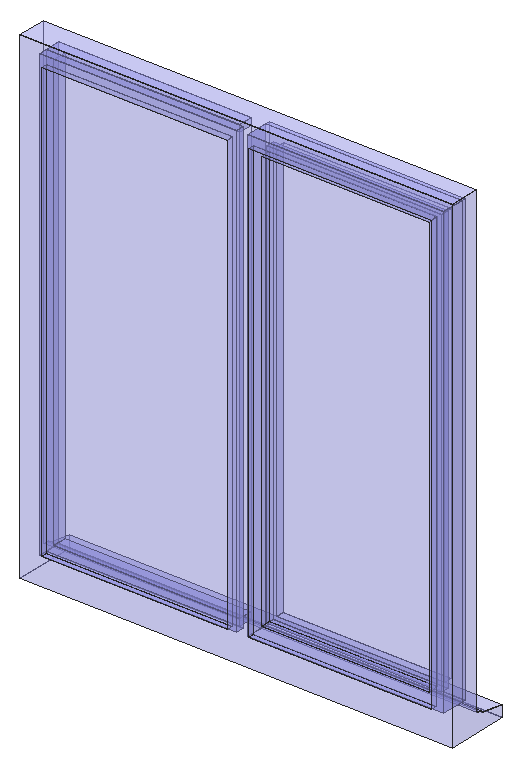
Revit family
Parameters
  Vis - Cavity Closers = yes
  Rough Width = Width  # 1200.0 mm
  Rough Height = Height  # 1350.0 mm
  Operation = "DoublePanelVertical"
  Material Trim = Concept
  Material Glass = Concept
  Material Frame = Concept
  Manufacturer = "Revit"
  Keynote = "L10"
  Height = 1350.0 mm
  Wall Closure = (empty or 0)
  Width = 1200.0 mm
  FrameOffset - External = 50.0 mm
  Default Head Height = 2110.0 mm
Reference planes
  plane 1: y = 0
  plane 2 "Center (Left/Right)": x = -285
  plane 3 "Left": x = -885
  plane 4 "Right": x = 315
  plane 5 "Cill": z = 760
  plane 6 "Head": z = 2110
  plane 7 "Exterior": y = 158.457
  plane 8 "Interior": y = -141.543
  plane 9 "Back of Window": y = 43.457
  plane 10 "Front Cill": y = 195.957
  plane 11 "Face Window": y = 108.457
  plane 12: x = -285
Forms (mm)
  Extrusion 1, solid, material "Concept" <- "Material Frame"
    sketch origin (-285, 0, 0) x (0, 1, 0) y (0, 0, 1)
      loop
        line (25.457, 760) -> (195.957, 760) -> (195.957, 793.809) -> (123.457, 804.745) -> (123.457, 809.688) -> (108.457, 811) -> (108.457, 823) -> (43.457, 823) -> (43.457, 835) -> (25.457, 835) -> (25.457, 760)
    from 600 to -600
  Sweep 2, solid, material "Concept" <- "Material Frame"
    path origin (0, 43.457, 0) x (1, 0, 0) y (0, 0, 1)
      loop
        line (-885, 823) -> (-885, 2110) -> (315, 2110) -> (315, 823)
    profile origin (0, 0, 1466.5) x (-1, 0, 0) y (0, -1, 0)
      loop
        line (885, -25.457) -> (825, -25.457) -> (825, -43.457) -> (845, -43.457) -> (845, -108.457) -> (885, -108.457) -> (885, -25.457)
  Sweep 3, solid, material "Concept" <- "Material Frame"
    path origin (0, 108.457, 0) x (1, 0, 0) y (0, 0, 1)
      loop
        line (275, 2070) -> (-270, 2070) -> (-270, 823) -> (275, 823) -> (275, 2070)
    profile origin (0, 0, 1446.5) x (0, -1, 0) y (1, 0, 0)
      loop
        line (-120.004, -270) -> (-43.457, -270) -> (-43.457, -230) -> (-72.457, -230) -> (-72.457, -240) -> (-96.457, -240) -> (-96.457, -230) -> (-120.004, -230) -> (-120.004, -270)
  Extrusion 4, solid, material "Concept" <- "Material Frame"
    sketch origin (0, 0, 760) x (0, -1, 0) y (-1, 0, 0)
      loop
        line (-25.457, 310) -> (-43.457, 310) -> (-43.457, 300) -> (-67.457, 300) -> (-67.457, 310) -> (-108.457, 310) -> (-108.457, 270) -> (-43.457, 270) -> (-43.457, 252) -> (-25.457, 252) -> (-25.457, 310)
    from -63 to -1310
  Sweep 5, solid, material "Concept" <- "Material Frame"
    path origin (-300, 67.457, 823) x (0, 0, 1) y (-1, 0, 0)
      loop
        line (1247, 10) -> (1247, 545) -> (0, 545) -> (0, 10)
    profile origin (0, 0, 1446.5) x (0, -1, 0) y (1, 0, 0)
      loop
        line (-67.457, -845) -> (-67.457, -825) -> (-108.457, -825) -> (-108.457, -845) -> (-67.457, -845)
  Extrusion 6, solid, material "Concept" <- "Material Glass"
    sketch origin (-845, 43.457, 823) x (0, 0, 1) y (1, 0, 0)
      loop
        line (1247, 0) -> (1247, 545) -> (0, 545) -> (0, 0) -> (1247, 0)
    from 0 to 24
  Extrusion 7, solid, material "Concept" <- "Material Glass"
    sketch origin (245, 96.457, 2040) x (-1, 0, 0) y (0, 0, -1)
      loop
        line (0, 0) -> (485, 0) -> (485, 1187) -> (0, 1187) -> (0, 0)
    from 0 to 24
Cuts and joins
  joined: Extrusion 1, Sweep 2, Extrusion 4
Lines and regions (mm)
  Opening 1
    outline origin (-5000, -141.543, 0) x (1, 0, 0) y (0, 0, 1)
      loop
        line (5315, 2110) -> (4115, 2110) -> (4115, 760) -> (5315, 760) -> (5315, 2110)
  Masking region 1
    outline origin (0, 0, 760) x (0, -1, 0) y (1, 0, 0)
      loop
        line (-25.457, -885) -> (-25.457, 315) -> (-195.957, 315) -> (-195.957, -885) -> (-25.457, -885)
  symbolic lines, style "Windows"
    curve 1: line (-885, 25.457, 0) -> (315, 25.457, 0)
    curve 2: line (-885, 108.457, 0) -> (-885, 25.457, 0)
    curve 3: line (315, 108.457, 0) -> (-885, 108.457, 0)
    curve 4: line (315, 25.457, 0) -> (315, 108.457, 0)
    curve 5: line (-825, 25.457, 0) -> (-825, 108.457, 0)
    curve 6: line (255, 25.457, 0) -> (255, 108.457, 0)
    curve 7: line (-825, 66.957, 0) -> (-310, 66.957, 0)
    curve 10: line (-260, 66.957, 0) -> (255, 66.957, 0)
    curve 11: line (-260, 25.457, 0) -> (-260, 108.457, 0)
    curve 12: line (-310, 25.457, 0) -> (-310, 108.457, 0)
  symbolic lines, style "Elevation Swing"
    curve 8: line (-230, 0, 2030) -> (235, 0, 1446.5)
    curve 9: line (-230, 0, 863) -> (235, 0, 1446.5)
  symbolic lines, style "WindowsSillHeadProjection"
    curve 13: line (315, 195.957, 0) -> (-885, 195.957, 0)
    curve 14: line (-885, 195.957, 0) -> (-885, 159.707, 0)
    curve 15: line (315, 159.707, 0) -> (315, 195.957, 0)
Text (mm)
  text "EXTERIOR" at (-1415.209, 454.062, 0), in view "Ref. Level"
  text "INTERIOR" at (-1415.209, -367.981, 0), in view "Ref. Level"
  text "Exterior" at (0, 923.751, 2943.296), in view "Right"
  text "Exterior" at (0, 1040.484, 2685.409), in view "Left"
Dimensions and locks
  equal spacing: plane 3 "Left", plane 2 "Center (Left/Right)", plane 4 "Right"
  "Width": plane 3 "Left" to plane 4 "Right"
  "Height": plane 5 "Cill" to plane 6 "Head"
  "Default Head Height": plane 6 "Head" to level
  locked: plane 7 "Exterior" to host wall at 0
  locked: plane 8 "Interior" to host wall
  locked: plane 9 "Back of Window" to plane 11 "Face Window" at 65
  "FrameOffset - External": plane 11 "Face Window" to plane 7 "Exterior"
  locked: Extrusion 1 sketch curve to Extrusion 1 sketch curve at 18
  Extrusion 1 sketch curve to Extrusion 1 sketch curve = 12.0 mm
  plane 11 "Face Window" to Extrusion 1 sketch curve = 15.0 mm
  Sweep 3 sketch curve to Sweep 3 sketch curve = 10.0 mm
  locked: Sweep 3 sketch curve to Sweep 3 sketch curve at 24
  equal spacing: curve 3, curve 7, curve 1
  equal spacing: Extrusion 4 sketch curve, plane 12, Extrusion 4 sketch curve
  Extrusion 4 sketch curve to Extrusion 4 sketch curve = 10.0 mm
  Extrusion 4 sketch curve to Extrusion 4 sketch curve = 18.0 mm  (x2)
  locked: Extrusion 4 sketch curve to Extrusion 4 sketch curve at 24
  equal spacing: Sweep 3, curve 9, Sweep 3
  locked: plane 3 "Left" to Sweep 2 sketch curve at 40
  locked: Sweep 2 sketch curve to Sweep 2 sketch curve at 20
  aligned and locked: plane 9 "Back of Window" to Extrusion 1 sketch curve
  aligned and locked: plane 11 "Face Window" to Extrusion 1 sketch curve
  aligned and locked: plane 10 "Front Cill" to Extrusion 1 sketch curve
  aligned and locked: Extrusion 1 sketch curve to plane 5 "Cill"
  aligned and locked: plane 3 "Left" to Extrusion 1
  aligned and locked: Extrusion 1 to plane 4 "Right"
  aligned and locked: plane 11 "Face Window" to Sweep 2 sketch curve
  aligned and locked: Sweep 3 sketch curve to Sweep 3 sketch curve
  aligned and locked: Sweep 3 sketch curve to plane 9 "Back of Window"
  aligned and locked: Sweep 2 to curve 5
  aligned and locked: curve 6 to Sweep 2
  aligned and locked: Extrusion 4 sketch curve to Extrusion 4 sketch curve  (x2)
  aligned and locked: Extrusion 4 sketch curve to plane 11 "Face Window"
  aligned and locked: plane 9 "Back of Window" to Extrusion 4 sketch curve
  aligned and locked: Extrusion 4 to Sweep 2
  aligned and locked: Extrusion 4 to Extrusion 1
  aligned and locked: plane 12 to plane 2 "Center (Left/Right)"
  aligned and locked: Sweep 3 sketch curve to Extrusion 4
  aligned and locked: Sweep 2 to Sweep 5 sketch curve
  aligned and locked: Extrusion 1 to Sweep 5 sketch curve
  aligned and locked: curve 1 to Extrusion 1
  aligned and locked: curve 3 to Sweep 2
  aligned and locked: curve 7 to curve 10
  aligned and locked: curve 13 to cut or joined group of Extrusion 1, Sweep 2, Extrusion 4
  aligned and locked: curve 14 to cut or joined group of Extrusion 1, Sweep 2, Extrusion 4
  aligned and locked: cut or joined group of Extrusion 1, Sweep 2, Extrusion 4 to curve 15
  aligned and locked: plane 3 "Left" to Masking region 1 sketch curve
  aligned and locked: plane 4 "Right" to Masking region 1 sketch curve
  aligned and locked: Masking region 1 sketch curve to cut or joined group of Extrusion 1, Sweep 2, Extrusion 4  (x2)
Automatic sketch dimensions
  Extrusion 1 sketch curve to Extrusion 1 sketch curve = 33.809 mm
  Extrusion 1 sketch curve to Extrusion 1 sketch curve = 15.879 mm
  Extrusion 1 sketch curve to Extrusion 1 sketch curve = 4.943 mm
  Extrusion 1 sketch curve to plane 5 "Cill" = 63.0 mm
  Extrusion 1 sketch curve to Extrusion 1 sketch curve = 12.0 mm
  Sweep 2 sketch curve to plane 3 "Left" = 0.0 mm
  Sweep 2 sketch curve to plane 4 "Right" = 0.0 mm
  Sweep 2 sketch curve to plane 6 "Head" = 0.0 mm
  Sweep 2 sketch curve to plane 5 "Cill" = 63.0 mm  (x2)
  Sweep 2 sketch curve to profile plane = 0.0 mm
  plane 9 "Back of Window" to Sweep 2 sketch curve = 18.0 mm
  Sweep 2 sketch curve to plane 9 "Back of Window" = 0.0 mm
  Sweep 3 sketch curve to profile plane = 0.0 mm
  Extrusion 4 sketch curve to plane 2 "Center (Left/Right)" = 25.0 mm
  plane 6 "Head" to Sweep 3 sketch curve = 40.0 mm
  plane 4 "Right" to Sweep 3 sketch curve = 40.0 mm
  Sweep 3 sketch curve to plane 5 "Cill" = 63.0 mm
  Sweep 5 sketch curve to plane 5 "Cill" = 63.0 mm
  plane 6 "Head" to Sweep 5 sketch curve = 40.0 mm
  Sweep 5 sketch curve to plane 2 "Center (Left/Right)" = 25.0 mm  (x2)
  Sweep 5 sketch curve to plane 3 "Left" = 40.0 mm
  Sweep 5 sketch curve to profile plane = 0.0 mm  (x2)
  curve 3 to plane 3 "Left" = 0.0 mm
  curve 3 to plane 4 "Right" = 0.0 mm
  curve 12 to plane 2 "Center (Left/Right)" = 25.0 mm
  plane 2 "Center (Left/Right)" to curve 11 = 25.0 mm
  host wall to curve 14 = 1.25 mm
  host wall to curve 15 = 1.25 mm
  Extrusion 6 sketch curve to plane 5 "Cill" = 63.0 mm
  plane 6 "Head" to Extrusion 6 sketch curve = 40.0 mm
  Extrusion 6 sketch curve to plane 3 "Left" = 40.0 mm
  Extrusion 6 sketch curve to plane 2 "Center (Left/Right)" = 15.0 mm
  plane 4 "Right" to Extrusion 7 sketch curve = 70.0 mm
  plane 2 "Center (Left/Right)" to Extrusion 7 sketch curve = 45.0 mm
  plane 6 "Head" to Extrusion 7 sketch curve = 70.0 mm
  Extrusion 7 sketch curve to plane 5 "Cill" = 93.0 mm
  Opening 1 sketch curve to plane 3 "Left" = 0.0 mm
  Opening 1 sketch curve to plane 4 "Right" = 0.0 mm
  Opening 1 sketch curve to plane 5 "Cill" = 0.0 mm
  Opening 1 sketch curve to plane 6 "Head" = 0.0 mm
  Sweep 3 sketch curve to plane 11 "Face Window" = 11.547 mm
  plane 11 "Face Window" to Sweep 3 sketch curve = 12.0 mm
  Sweep 3 sketch curve to Sweep 3 sketch curve = 40.0 mm
  plane 6 "Head" to curve 8 = 80.0 mm
  curve 9 to plane 5 "Cill" = 103.0 mm
  plane 2 "Center (Left/Right)" to curve 9 = 55.0 mm
  plane 2 "Center (Left/Right)" to curve 8 = 55.0 mm
  plane 4 "Right" to curve 9 = 80.0 mm
